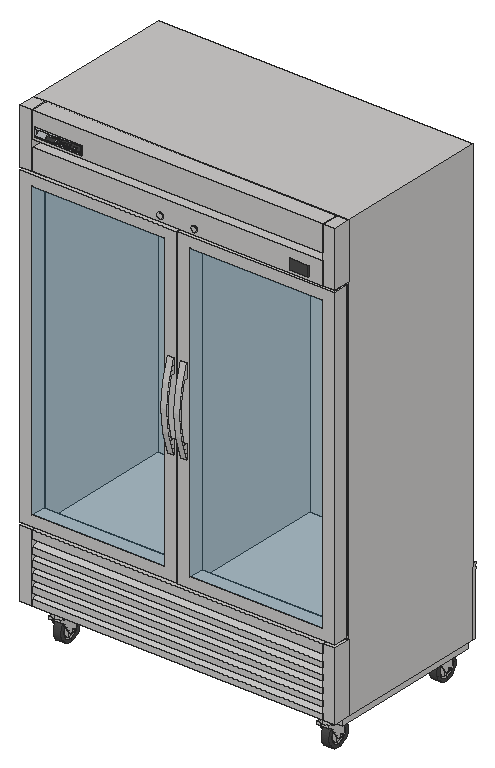
Revit family "QF_TRUE_TS-49FG-HC~FGD01", category Specialty Equipment, Revit 2015 (continued)
Definition of nested family "T-49FG-HC-FGD01"
  Forms (in)
    Extrusion 54, solid, not visible
      sketch origin (26.98493, -26.8125, 73.375) x (-1, 0, 0) y (0, -1, 0)
        loop
          circle (24.44087, 1.81192) r 0.25
        loop
          circle (23.44087, 1.81192) r 0.25
      from 0 to 0.31015
    Extrusion 55, solid, not visible
      sketch origin (26.98493, -26.8125, 73.87265) x (-1, 0, 0) y (0, -1, 0)
        loop
          circle (26.09249, 1.82353) r 0.25
      from 0.00235 to -0.27708
    Extrusion 56, solid, not visible
      sketch origin (-0.01507, -26.8125, 19.12866) x (0, -1, 0) y (-1, 0, 0)
        loop
          line (0, -1.157) -> (2.06523, -1.11503)
          arc (2.06523, -1.11503) -> (2.48736, -0.68546) -> (2.06523, -0.25589) r 0.42963
          line (2.06523, -0.25589) -> (0, -0.21392) -> (0, -1.157)
        loop
          circle (2.05773, -0.68546) r 0.25
      from 0.00366 to 0.22057
    Extrusion 57, solid, not visible
      sketch origin (-0.01507, -26.8125, 19.12866) x (0, -1, 0) y (-1, 0, 0)
        loop
          circle (2.05773, -0.68546) r 0.25
      from 0.00366 to 0.29961
  Cuts and joins
    joined: Extrusion 1, Extrusion 7, Extrusion 9, Extrusion 14
  Lines and regions (in)
    symbolic lines
      curve 1: line (0, -29.8125, 0) -> (54.15625, -29.8125, 0)
      curve 2: line (0, 0.5, 0) -> (0, -29.8125, 0)
      curve 3: line (54.15625, 0.5, 0) -> (0, 0.5, 0)
      curve 4: line (54.15625, -29.8125, 0) -> (54.15625, 0.5, 0)
      curve 5: line (0, 0, 0) -> (54.15625, 0, 0)
      curve 6: line (0, -26.8125, 0) -> (54.15625, -26.8125, 0)
      curve 7: line (2, -29.8125, 0) -> (2, -26.8125, 0)
      curve 8: line (52.15625, -29.8125, 0) -> (52.15625, -26.8125, 0)
      curve 9: line (25.44851, -31.34375, 0) -> (25.44851, -29.8125, 0)
      curve 10: line (25.44851, -31.34375, 0) -> (26.45776, -31.34375, 0)
      curve 11: line (26.45776, -31.34375, 0) -> (26.45776, -29.8125, 0)
      curve 12: line (27.69849, -29.8125, 0) -> (27.69849, -31.34375, 0)
      curve 13: line (28.70774, -29.8125, 0) -> (28.70774, -31.34375, 0)
      curve 14: line (28.70774, -31.34375, 0) -> (27.69849, -31.34375, 0)
      curve 15: line (0, -29.8125, 0) -> (22.77628, -42.96239, 0)
      curve 16: arc (26.94851, -29.8125, 0) -> (25.72808, -36.66211, 0) -> (22.77628, -42.96239, 0) r 26.64931
      curve 17: line (54.15625, -29.8125, 0) -> (31.37997, -42.96239, 0)
      curve 18: arc (27.20774, -29.8125, 0) -> (28.42817, -36.66211, 0) -> (31.37997, -42.96239, 0) r 26.64931
  Dimensions and locks (in)
    equal spacing: plane 3 "LEFT", plane 7 "Center Y", plane 4 "RIGHT"
    plane 3 "LEFT" to plane 4 "RIGHT" = 54 5/32"
    equal spacing: plane 5 "FRONT", plane 8 "Center X", plane 1 "BACK"
    plane 5 "FRONT" to plane 1 "BACK" = 29 13/16"
    plane 6 "TOP" to level = 83 3/8"
    plane 6 "TOP" to plane 9 = 78 5/16"
    plane 9 to level = 5 1/16"
    plane 4 "RIGHT" to plane 3 "LEFT" = 54 5/32"
    plane 1 "BACK" to plane 10 = 1/2"
    plane 11 to plane 5 "FRONT" = 1 17/32"
    plane 10 to plane 11 = 31 27/32"
    plane 1 "BACK" to plane 14 = 55 1/4"
    plane 1 "BACK" to plane 15 = 55 1/4"
    plane 19 to Extrusion 2 = 1/4"
    plane 24 to Extrusion 16 = 1/4"
    aligned and locked: level to plane 2
  Automatic sketch dimensions
    Extrusion 2 sketch curve to Extrusion 2 sketch curve = 1 1/4"  (x2)
    Extrusion 2 sketch curve to Extrusion 2 sketch curve = 1"  (x7)
    Extrusion 2 sketch curve to Extrusion 2 sketch curve = 2"  (x2)
    Extrusion 2 sketch curve to Extrusion 2 sketch curve = 0"  (x9)
    Extrusion 2 sketch curve to Extrusion 2 sketch curve = 0.51258"
    Extrusion 2 sketch curve to Extrusion 2 sketch curve = 0.43712"
    Extrusion 4 sketch curve to Extrusion 2 = 0.97242"  (x2)
    Extrusion 2 to Extrusion 4 sketch curve = 22.14431"
    Extrusion 4 sketch curve to Extrusion 4 sketch curve = 5.86763"
    Extrusion 5 sketch curve to plane 14 = 0"  (x2)
    Extrusion 7 sketch curve to Extrusion 1 = 0"  (x3)
    Extrusion 1 to Extrusion 7 sketch curve = 0"  (x2)
    Extrusion 1 to Extrusion 7 sketch curve = 2"
    Extrusion 1 to Extrusion 7 sketch curve = 11 3/4"
    Extrusion 1 to Extrusion 7 sketch curve = 2 5/8"
    Extrusion 9 sketch curve to Extrusion 9 sketch curve = 2"
    Extrusion 10 sketch curve to Extrusion 10 sketch curve = 3 1/4"
    plane 12 to Extrusion 14 sketch curve = 3/16"
    Extrusion 14 sketch curve to plane 13 = 0"
    Extrusion 1 sketch curve to Extrusion 1 sketch curve = 2"
    Extrusion 1 sketch curve to Extrusion 1 sketch curve = 76 1/2"
    Extrusion 2 sketch curve to Extrusion 2 sketch curve = 4 1/2"
    Extrusion 2 sketch curve to Extrusion 2 sketch curve = 3 3/4"
    Extrusion 2 sketch curve to Extrusion 2 sketch curve = 55 1/4"
    Extrusion 2 sketch curve to Extrusion 2 sketch curve = 1 1/2"
    Extrusion 2 sketch curve to Extrusion 2 sketch curve = 2.0503"  (x2)
    Extrusion 2 sketch curve to Extrusion 2 sketch curve = 2.80755"
    Extrusion 2 sketch curve to Extrusion 2 sketch curve = 3"
    Extrusion 5 sketch curve to Extrusion 5 sketch curve = 25 7/16"
    Extrusion 5 sketch curve to Extrusion 5 sketch curve = 0"
    Extrusion 5 sketch curve to Extrusion 5 sketch curve = 1.20981"  (x2)
    Extrusion 5 sketch curve to Extrusion 5 sketch curve = 0.32668"
    Extrusion 5 sketch curve to Extrusion 5 sketch curve = 0.25923"
    Extrusion 5 sketch curve to Extrusion 5 sketch curve = 26.62183"
    Extrusion 9 sketch curve to Extrusion 9 sketch curve = 76 1/2"
    Extrusion 10 sketch curve to Extrusion 10 sketch curve = 1 3/4"
    Extrusion 11 sketch curve to Extrusion 11 sketch curve = 9 1/2"
    Extrusion 11 sketch curve to Extrusion 11 sketch curve = 55 1/4"
    Extrusion 11 sketch curve to Extrusion 11 sketch curve = 11 3/4"
    Extrusion 11 sketch curve to Extrusion 11 sketch curve = 0"
    Extrusion 11 sketch curve to Extrusion 11 sketch curve = 3"  (x2)
    Extrusion 12 sketch curve to Extrusion 12 sketch curve = 9 1/2"
    Extrusion 12 sketch curve to Extrusion 12 sketch curve = 55 1/4"
    Extrusion 12 sketch curve to Extrusion 12 sketch curve = 11 3/4"
    Extrusion 12 sketch curve to Extrusion 12 sketch curve = 0"
    Extrusion 12 sketch curve to Extrusion 12 sketch curve = 3"  (x2)
    Extrusion 16 sketch curve to Extrusion 16 sketch curve = 1 1/4"  (x2)
    Extrusion 16 sketch curve to Extrusion 16 sketch curve = 1"  (x7)
    Extrusion 16 sketch curve to Extrusion 16 sketch curve = 2"  (x2)
    Extrusion 16 sketch curve to Extrusion 16 sketch curve = 0"  (x9)
    Extrusion 16 sketch curve to Extrusion 16 sketch curve = 0.51258"
    Extrusion 16 sketch curve to Extrusion 16 sketch curve = 0.43712"
    Extrusion 18 sketch curve to Extrusion 16 = 0.97242"  (x2)
    Extrusion 16 to Extrusion 18 sketch curve = 22.14431"
    Extrusion 18 sketch curve to Extrusion 18 sketch curve = 5.86763"
    Extrusion 19 sketch curve to plane 18 = 0"  (x2)
    Extrusion 21 sketch curve to Extrusion 15 = 0"  (x3)
    Extrusion 15 to Extrusion 21 sketch curve = 0"  (x2)
    Extrusion 15 to Extrusion 21 sketch curve = 2"
    Extrusion 15 to Extrusion 21 sketch curve = 11 3/4"
    Extrusion 15 to Extrusion 21 sketch curve = 2 5/8"
    Extrusion 23 sketch curve to Extrusion 23 sketch curve = 2"
    Extrusion 24 sketch curve to Extrusion 24 sketch curve = 3 1/4"
    plane 16 to Extrusion 28 sketch curve = 3/16"
    Extrusion 28 sketch curve to plane 17 = 0"
    Extrusion 15 sketch curve to Extrusion 15 sketch curve = 2"
    Extrusion 15 sketch curve to Extrusion 15 sketch curve = 76 1/2"
    Extrusion 16 sketch curve to Extrusion 16 sketch curve = 4 1/2"
    Extrusion 16 sketch curve to Extrusion 16 sketch curve = 3 3/4"
    Extrusion 16 sketch curve to Extrusion 16 sketch curve = 55 1/4"
    Extrusion 16 sketch curve to Extrusion 16 sketch curve = 1 1/2"
    Extrusion 16 sketch curve to Extrusion 16 sketch curve = 2.0503"  (x2)
    Extrusion 16 sketch curve to Extrusion 16 sketch curve = 2.80755"
    Extrusion 16 sketch curve to Extrusion 16 sketch curve = 3"
    Extrusion 19 sketch curve to Extrusion 19 sketch curve = 25 7/16"
    Extrusion 19 sketch curve to Extrusion 19 sketch curve = 0"
    Extrusion 19 sketch curve to Extrusion 19 sketch curve = 1.20981"  (x2)
    Extrusion 19 sketch curve to Extrusion 19 sketch curve = 0.32668"
    Extrusion 19 sketch curve to Extrusion 19 sketch curve = 0.25923"
    Extrusion 19 sketch curve to Extrusion 19 sketch curve = 26.62183"
    Extrusion 23 sketch curve to Extrusion 23 sketch curve = 76 1/2"
    Extrusion 24 sketch curve to Extrusion 24 sketch curve = 1 3/4"
    Extrusion 25 sketch curve to Extrusion 25 sketch curve = 9 1/2"
    Extrusion 25 sketch curve to Extrusion 25 sketch curve = 55 1/4"
    Extrusion 25 sketch curve to Extrusion 25 sketch curve = 11 3/4"
    Extrusion 25 sketch curve to Extrusion 25 sketch curve = 0"
    Extrusion 25 sketch curve to Extrusion 25 sketch curve = 3"  (x2)
    Extrusion 26 sketch curve to Extrusion 26 sketch curve = 9 1/2"
    Extrusion 26 sketch curve to Extrusion 26 sketch curve = 55 1/4"
    Extrusion 26 sketch curve to Extrusion 26 sketch curve = 11 3/4"
    Extrusion 26 sketch curve to Extrusion 26 sketch curve = 0"
    Extrusion 26 sketch curve to Extrusion 26 sketch curve = 3"  (x2)
    Extrusion 6 to Extrusion 29 sketch curve = 4.84595"
    Extrusion 6 to Extrusion 29 sketch curve = 27 5/64"
    curve 1 to plane 3 "LEFT" = 0"
    plane 5 "FRONT" to curve 7 = 0"
    plane 11 to curve 12 = 0"
    curve 1 to plane 4 "RIGHT" = 0"
    plane 1 "BACK" to curve 5 = 0"
    curve 3 to plane 10 = 0"
    plane 3 "LEFT" to curve 16 = 0.32668"
    curve 15 to plane 7 "Center Y" = 4.30184"
    plane 11 to curve 9 = 0"
    curve 9 to plane 7 "Center Y" = 1.62962"
    curve 11 to plane 7 "Center Y" = 0.62037"
    plane 7 "Center Y" to curve 12 = 0.62037"
    curve 12 to curve 14 = 1.00925"
    plane 7 "Center Y" to curve 17 = 4.30184"
    plane 4 "RIGHT" to curve 18 = 0.32668"
    plane 11 to curve 15 = 11.61864"
    curve 15 to curve 17 = 0"
    curve 18 to plane 5 "FRONT" = 1.20981"
    curve 16 to plane 5 "FRONT" = 1.20981"
    plane 3 "LEFT" to curve 7 = 2"
    plane 4 "RIGHT" to curve 8 = 2"
    curve 18 to curve 8 = 1.79019"
    Extrusion 14 sketch curve to Extrusion 14 sketch curve = 2"
    Extrusion 8 sketch curve to Extrusion 8 sketch curve = 2"  (x4)
    Extrusion 8 sketch curve to Extrusion 8 sketch curve = 22.94851"  (x2)
    Extrusion 8 sketch curve to Extrusion 8 sketch curve = 0.25923"
    Extrusion 8 sketch curve to Extrusion 8 sketch curve = 0"  (x2)
    Extrusion 8 sketch curve to Extrusion 8 sketch curve = 1 3/4"  (x4)
    Extrusion 8 sketch curve to Extrusion 8 sketch curve = 50 3/4"
    Extrusion 3 sketch curve to Extrusion 3 sketch curve = 22.94851"  (x2)
    Extrusion 3 sketch curve to Extrusion 3 sketch curve = 4.25923"
    Extrusion 3 sketch curve to Extrusion 3 sketch curve = 0"  (x2)
    Extrusion 3 sketch curve to Extrusion 3 sketch curve = 50 3/4"
    Extrusion 30 sketch curve to plane 20 = 0"
    plane 21 to Extrusion 30 sketch curve = 0"
    Extrusion 30 sketch curve to plane 20 = 2 1/2"
    Extrusion 30 sketch curve to plane 21 = 2 1/2"
    Extrusion 30 sketch curve to Extrusion 30 sketch curve = 0.60964"  (x2)
    Extrusion 30 sketch curve to Extrusion 30 sketch curve = 17.54993"
    Extrusion 30 sketch curve to Extrusion 30 sketch curve = 0.05175"
    Extrusion 31 sketch curve to plane 22 = 0"
    plane 23 to Extrusion 31 sketch curve = 0"
    Extrusion 31 sketch curve to plane 22 = 2 1/2"
    Extrusion 31 sketch curve to plane 23 = 2 1/2"
    Extrusion 31 sketch curve to Extrusion 31 sketch curve = 0.60964"  (x2)
    Extrusion 31 sketch curve to Extrusion 31 sketch curve = 17.54993"
    Extrusion 31 sketch curve to Extrusion 31 sketch curve = 0.05054"
    Extrusion 30 sketch curve to Extrusion 30 sketch curve = 0"
    Extrusion 31 sketch curve to Extrusion 31 sketch curve = 0"
    Extrusion 28 sketch curve to Extrusion 28 sketch curve = 2"
    Extrusion 22 sketch curve to Extrusion 22 sketch curve = 2"  (x4)
    Extrusion 22 sketch curve to Extrusion 22 sketch curve = 22.94851"  (x2)
    Extrusion 22 sketch curve to Extrusion 22 sketch curve = 0.25923"
    Extrusion 22 sketch curve to Extrusion 22 sketch curve = 0"  (x2)
    Extrusion 22 sketch curve to Extrusion 22 sketch curve = 1 3/4"  (x4)
    Extrusion 22 sketch curve to Extrusion 22 sketch curve = 50 3/4"
    Extrusion 17 sketch curve to Extrusion 17 sketch curve = 22.94851"  (x2)
    Extrusion 17 sketch curve to Extrusion 17 sketch curve = 4.25923"
    Extrusion 17 sketch curve to Extrusion 17 sketch curve = 0"  (x2)
    Extrusion 17 sketch curve to Extrusion 17 sketch curve = 50 3/4"
    Extrusion 34 sketch curve to Extrusion 34 sketch curve = 52 5/32"
    Extrusion 34 sketch curve to Extrusion 34 sketch curve = 1 13/16"
    Extrusion 13 sketch curve to Extrusion 1 = 1/4"  (x2)
    Extrusion 13 sketch curve to Extrusion 1 = 11 1/2"  (x2)
    Extrusion 1 to Extrusion 13 sketch curve = 23.19851"
    Extrusion 13 sketch curve to Extrusion 13 sketch curve = 1 1/2"  (x3)
    Extrusion 13 sketch curve to Extrusion 13 sketch curve = 23.44851"
    Extrusion 13 sketch curve to Extrusion 13 sketch curve = 1.37134"  (x3)
    Extrusion 13 sketch curve to Extrusion 13 sketch curve = 0"  (x2)
    Extrusion 13 sketch curve to Extrusion 13 sketch curve = 0.75923"
    Extrusion 13 sketch curve to Extrusion 1 = 13 3/4"
    Extrusion 27 sketch curve to Extrusion 15 = 1/4"  (x2)
    Extrusion 27 sketch curve to Extrusion 15 = 11 1/2"  (x2)
    Extrusion 15 to Extrusion 27 sketch curve = 23.19851"
    Extrusion 27 sketch curve to Extrusion 27 sketch curve = 1 1/2"  (x3)
    Extrusion 27 sketch curve to Extrusion 27 sketch curve = 23.44851"
    Extrusion 27 sketch curve to Extrusion 27 sketch curve = 1.37134"  (x3)
    Extrusion 27 sketch curve to Extrusion 27 sketch curve = 0"  (x2)
    Extrusion 27 sketch curve to Extrusion 27 sketch curve = 0.75923"
    Extrusion 27 sketch curve to Extrusion 15 = 13 3/4"
    Extrusion 35 sketch curve to Extrusion 35 sketch curve = 52 5/32"
    Extrusion 35 sketch curve to Extrusion 35 sketch curve = 1 13/16"
    Extrusion 6 sketch curve to Extrusion 1 = 0"  (x2)
    Extrusion 6 sketch curve to Extrusion 1 = 3/8"
    Extrusion 6 sketch curve to Extrusion 6 sketch curve = 10.68144"
    Extrusion 6 sketch curve to Extrusion 6 sketch curve = 0.34482"
    Extrusion 6 sketch curve to Extrusion 6 sketch curve = 0.3805"
    Extrusion 6 sketch curve to Extrusion 6 sketch curve = 0.16647"
    Extrusion 6 sketch curve to Extrusion 1 = 0.32496"
    Extrusion 6 sketch curve to Extrusion 6 sketch curve = 0.17678"
    Extrusion 6 sketch curve to Extrusion 6 sketch curve = 0.14819"
    Extrusion 6 sketch curve to Extrusion 6 sketch curve = 0"
    Extrusion 6 sketch curve to Extrusion 6 sketch curve = 1/8"
    Extrusion 6 sketch curve to Extrusion 6 sketch curve = 0.17504"
    Extrusion 20 sketch curve to Extrusion 15 = 0"  (x2)
    Extrusion 20 sketch curve to Extrusion 15 = 3/8"
    Extrusion 20 sketch curve to Extrusion 20 sketch curve = 10.68144"
    Extrusion 20 sketch curve to Extrusion 20 sketch curve = 0.34482"
    Extrusion 20 sketch curve to Extrusion 20 sketch curve = 0.3805"
    Extrusion 20 sketch curve to Extrusion 20 sketch curve = 0.16647"
    Extrusion 20 sketch curve to Extrusion 15 = 0.32496"
    Extrusion 20 sketch curve to Extrusion 20 sketch curve = 0.17678"
    Extrusion 20 sketch curve to Extrusion 20 sketch curve = 0.14819"
    Extrusion 20 sketch curve to Extrusion 20 sketch curve = 0"
    Extrusion 20 sketch curve to Extrusion 20 sketch curve = 1/8"
    Extrusion 20 sketch curve to Extrusion 20 sketch curve = 0.17504"
    Extrusion 36 sketch curve to Extrusion 36 sketch curve = 0.37938"
    Extrusion 36 sketch curve to Extrusion 36 sketch curve = 1"
    Extrusion 36 sketch curve to Extrusion 36 sketch curve = 1.65026"
    Extrusion 36 sketch curve to Extrusion 36 sketch curve = 0.43546"
    Extrusion 36 sketch curve to Extrusion 36 sketch curve = 0.50522"
    Extrusion 36 sketch curve to Extrusion 36 sketch curve = 0.51683"  (x2)
    Extrusion 36 sketch curve to Extrusion 36 sketch curve = 0.53428"
    Extrusion 37 sketch curve to Extrusion 37 sketch curve = 1"
    Extrusion 37 sketch curve to Extrusion 37 sketch curve = 0"
    Extrusion 39 sketch curve to Extrusion 39 sketch curve = 0.0411"
    Extrusion 39 sketch curve to Extrusion 39 sketch curve = 0.54506"
    Extrusion 39 sketch curve to Extrusion 39 sketch curve = 0.91779"
    Extrusion 39 sketch curve to Extrusion 39 sketch curve = 0.45494"
    Extrusion 39 sketch curve to Extrusion 39 sketch curve = 17/32"
    Extrusion 39 sketch curve to Extrusion 39 sketch curve = 1.82353"
    Extrusion 40 sketch curve to Extrusion 40 sketch curve = 0"  (x3)
    Extrusion 40 sketch curve to Extrusion 40 sketch curve = 0.0075"
    Extrusion 40 sketch curve to Extrusion 40 sketch curve = 2.06523"
    Extrusion 40 sketch curve to Extrusion 40 sketch curve = 0.04197"
    Extrusion 40 sketch curve to Extrusion 40 sketch curve = 0.42957"
    Extrusion 40 sketch curve to Extrusion 40 sketch curve = 0.94308"
    Extrusion 42 sketch curve to Extrusion 42 sketch curve = 0.37938"
    Extrusion 42 sketch curve to Extrusion 42 sketch curve = 1"
    Extrusion 42 sketch curve to Extrusion 42 sketch curve = 1.65026"
    Extrusion 42 sketch curve to Extrusion 42 sketch curve = 0.43546"
    Extrusion 42 sketch curve to Extrusion 42 sketch curve = 0.53428"  (x2)
    Extrusion 42 sketch curve to Extrusion 42 sketch curve = 0.5459"
    Extrusion 42 sketch curve to Extrusion 42 sketch curve = 0.51683"
    Extrusion 43 sketch curve to Extrusion 43 sketch curve = 1"
    Extrusion 43 sketch curve to Extrusion 43 sketch curve = 0"
    Extrusion 44 sketch curve to Extrusion 44 sketch curve = 0"  (x2)
    Extrusion 44 sketch curve to Extrusion 44 sketch curve = 1/4"
    Extrusion 45 sketch curve to Extrusion 45 sketch curve = 0"  (x2)
    Extrusion 45 sketch curve to Extrusion 45 sketch curve = 2.05773"
    Extrusion 45 sketch curve to Extrusion 45 sketch curve = 0.0075"  (x2)
    Extrusion 45 sketch curve to Extrusion 45 sketch curve = 0.04197"
    Extrusion 45 sketch curve to Extrusion 45 sketch curve = 0.42957"
    Extrusion 45 sketch curve to Extrusion 45 sketch curve = 0.94308"
    Extrusion 47 sketch curve to Extrusion 47 sketch curve = 0.37938"
    Extrusion 47 sketch curve to Extrusion 47 sketch curve = 1"
    Extrusion 47 sketch curve to Extrusion 47 sketch curve = 1.65026"
    Extrusion 47 sketch curve to Extrusion 47 sketch curve = 0.43546"
    Extrusion 47 sketch curve to Extrusion 47 sketch curve = 0.50522"
    Extrusion 47 sketch curve to Extrusion 47 sketch curve = 0.51683"  (x2)
    Extrusion 47 sketch curve to Extrusion 47 sketch curve = 0.53428"
    Extrusion 48 sketch curve to Extrusion 48 sketch curve = 1"
    Extrusion 48 sketch curve to Extrusion 48 sketch curve = 0"
    Extrusion 50 sketch curve to Extrusion 50 sketch curve = 0.0411"
    Extrusion 50 sketch curve to Extrusion 50 sketch curve = 0.54506"
    Extrusion 50 sketch curve to Extrusion 50 sketch curve = 0.91779"
    Extrusion 50 sketch curve to Extrusion 50 sketch curve = 0.45494"
    Extrusion 50 sketch curve to Extrusion 50 sketch curve = 17/32"
    Extrusion 50 sketch curve to Extrusion 50 sketch curve = 1.82353"
    Extrusion 51 sketch curve to Extrusion 51 sketch curve = 0"  (x3)
    Extrusion 51 sketch curve to Extrusion 51 sketch curve = 0.0075"
    Extrusion 51 sketch curve to Extrusion 51 sketch curve = 2.06523"
    Extrusion 51 sketch curve to Extrusion 51 sketch curve = 0.04197"
    Extrusion 51 sketch curve to Extrusion 51 sketch curve = 0.42957"
    Extrusion 51 sketch curve to Extrusion 51 sketch curve = 0.94308"
    Extrusion 53 sketch curve to Extrusion 53 sketch curve = 0.37938"
    Extrusion 53 sketch curve to Extrusion 53 sketch curve = 1"
    Extrusion 53 sketch curve to Extrusion 53 sketch curve = 1.65026"
    Extrusion 53 sketch curve to Extrusion 53 sketch curve = 0.43546"
    Extrusion 53 sketch curve to Extrusion 53 sketch curve = 0.53428"  (x2)
    Extrusion 53 sketch curve to Extrusion 53 sketch curve = 0.5459"
    Extrusion 53 sketch curve to Extrusion 53 sketch curve = 0.51683"
    Extrusion 54 sketch curve to Extrusion 54 sketch curve = 1"
    Extrusion 54 sketch curve to Extrusion 54 sketch curve = 0"
    Extrusion 55 sketch curve to Extrusion 55 sketch curve = 0"  (x2)
    Extrusion 55 sketch curve to Extrusion 55 sketch curve = 1/4"
    Extrusion 56 sketch curve to Extrusion 56 sketch curve = 0"  (x2)
    Extrusion 56 sketch curve to Extrusion 56 sketch curve = 2.05773"
    Extrusion 56 sketch curve to Extrusion 56 sketch curve = 0.0075"  (x2)
    Extrusion 56 sketch curve to Extrusion 56 sketch curve = 0.04197"
    Extrusion 56 sketch curve to Extrusion 56 sketch curve = 0.42957"
    Extrusion 56 sketch curve to Extrusion 56 sketch curve = 0.94308"
    radius of Extrusion 4 sketch curve = 1/2"  (x2)
    radius of Extrusion 18 sketch curve = 1/2"  (x2)
    radius of Extrusion 29 sketch curve = 1/4"
    radius of Extrusion 36 sketch curve = 1/4"  (x3)
    radius of Extrusion 37 sketch curve = 1/4"  (x2)
    radius of Extrusion 38 sketch curve to Extrusion 39 = 0"
    radius of Extrusion 39 sketch curve = 1/4"
    radius of Extrusion 40 sketch curve = 1/4"
    radius of Extrusion 41 sketch curve = 1/4"
    radius of Extrusion 42 sketch curve = 1/4"  (x3)
    radius of Extrusion 43 sketch curve = 1/4"  (x2)
    radius of Extrusion 45 sketch curve = 1/4"
    radius of Extrusion 46 sketch curve = 1/4"
    radius of Extrusion 47 sketch curve = 1/4"  (x3)
    radius of Extrusion 48 sketch curve = 1/4"  (x2)
    radius of Extrusion 49 sketch curve to Extrusion 50 = 0"
    radius of Extrusion 50 sketch curve = 1/4"
    radius of Extrusion 51 sketch curve = 1/4"
    radius of Extrusion 52 sketch curve = 1/4"
    radius of Extrusion 53 sketch curve = 1/4"  (x3)
    radius of Extrusion 54 sketch curve = 1/4"  (x2)
    radius of Extrusion 56 sketch curve = 1/4"
    radius of Extrusion 57 sketch curve = 1/4"
  Nested families (in)
    nested 1: "QF_LOGO_TRUE" at (2.5, -29.8125, 79.375), Show Logo <- "Show Logo", type "QF_LOGO_TRUE", detail levels medium+fine
      with Show Logo yes
  Definition of nested family "QF_LOGO_TRUE"
    Parameters (values of type "QF_LOGO_TRUE")
      Show Logo [instance] = yes
    Reference planes (in)
      plane 1 "Center (Front/Back)": y = 0
      plane 2: z = 0
      plane 3 "Center (Left/Right)": x = 0
    Forms (in)
      Extrusion 1, solid, visible <- "Show Logo", detail levels medium+fine
        sketch origin (-78.34647, 34.76905, -30.51001) x (1, 0, 0) y (0, 0, 1)
          loop
            line (81.15226, 31.65456) -> (81.07353, 31.48573) -> (82.12083, 31.48573)
            arc (82.12083, 31.48573) -> (82.14208, 31.44814) -> (82.12083, 31.41055) r 0.04386
            line (82.12083, 31.41055) -> (81.84767, 30.82478)
            arc (81.84767, 30.82478) -> (81.84531, 30.77052) -> (81.882, 30.73048) r 0.07096
            line (81.882, 30.73048) -> (82.55165, 30.73048)
            arc (82.55165, 30.73048) -> (82.63621, 30.75714) -> (82.69019, 30.82748) r 0.14742
            line (82.69019, 30.82748) -> (82.90515, 31.28847) -> (83.10265, 31.28847)
            arc (83.10265, 31.28847) -> (83.15447, 31.26942) -> (83.14697, 31.21472) r 0.04405
            line (83.14697, 31.21472) -> (82.9671, 30.82899)
            arc (82.9671, 30.82899) -> (82.9699, 30.76493) -> (83.02398, 30.73048) r 0.06943
            line (83.02398, 30.73048) -> (83.6124, 30.73048)
            arc (83.6124, 30.73048) -> (83.65748, 30.74689) -> (83.68147, 30.78844) r 0.07014
            arc (83.68147, 30.78844) -> (83.69845, 30.74745) -> (83.73943, 30.73048) r 0.05796
            line (83.73943, 30.73048) -> (84.112, 30.73048)
            arc (84.112, 30.73048) -> (84.15504, 30.74201) -> (84.18655, 30.77352) r 0.08608
            arc (84.18655, 30.77352) -> (84.20164, 30.7371) -> (84.23806, 30.72202) r 0.0515
            line (84.23806, 30.72202) -> (84.76757, 30.72202)
            arc (84.76757, 30.72202) -> (84.81086, 30.73995) -> (84.8288, 30.78324) r 0.06122
            arc (84.8288, 30.78324) -> (84.86848, 30.74355) -> (84.92269, 30.72903) r 0.10842
            line (84.92269, 30.72903) -> (85.91461, 30.72903) -> (86.02479, 30.91987) -> (85.0243, 30.91987)
            arc (85.0243, 30.91987) -> (84.99669, 30.93902) -> (84.99566, 30.97261) r 0.03732
            line (84.99566, 30.97261) -> (85.01297, 31.00972)
            arc (85.01297, 31.00972) -> (85.03954, 31.04453) -> (85.0813, 31.05774) r 0.07263
            line (85.0813, 31.05774) -> (85.40289, 31.05774)
            arc (85.40289, 31.05774) -> (85.4723, 31.07633) -> (85.52311, 31.12715) r 0.13882
            line (85.52311, 31.12715) -> (85.61625, 31.28847)
            arc (85.61625, 31.28847) -> (85.61625, 31.37458) -> (85.54168, 31.41763) r 0.08611
            line (85.54168, 31.41763) -> (85.20227, 31.41763)
            arc (85.20227, 31.41763) -> (85.11574, 31.40294) -> (85.05538, 31.33923) r 0.13863
            line (85.05538, 31.33923) -> (84.89409, 30.99333)
            arc (84.89409, 30.99333) -> (84.84649, 30.9313) -> (84.77191, 30.90778) r 0.13002
            line (84.77191, 30.90778) -> (84.41984, 30.90778)
            arc (84.41984, 30.90778) -> (84.3777, 30.95378) -> (84.38042, 31.0161) r 0.08151
            line (84.38042, 31.0161) -> (84.56766, 31.41763) -> (84.44849, 31.41763) -> (84.25012, 30.99222)
            arc (84.25012, 30.99222) -> (84.21158, 30.94199) -> (84.15119, 30.92296) r 0.10527
            line (84.15119, 30.92296) -> (83.90842, 30.92296)
            arc (83.90842, 30.92296) -> (83.8674, 30.97642) -> (83.87619, 31.04323) r 0.08805
            line (83.87619, 31.04323) -> (84.05078, 31.41763) -> (83.92772, 31.41763) -> (83.72676, 30.98668)
            arc (83.72676, 30.98668) -> (83.68011, 30.94003) -> (83.61639, 30.92296) r 0.12745
            line (83.61639, 30.92296) -> (83.26484, 30.92296)
            arc (83.26484, 30.92296) -> (83.2017, 30.9524) -> (83.19563, 31.0218) r 0.06967
            line (83.19563, 31.0218) -> (83.31118, 31.26961) -> (83.47452, 31.26961)
            arc (83.47452, 31.26961) -> (83.50209, 31.35268) -> (83.56075, 31.41763) r 0.21289
            line (83.56075, 31.41763) -> (82.92244, 31.41763)
            arc (82.92244, 31.41763) -> (82.85151, 31.40191) -> (82.80242, 31.34834) r 0.12081
            line (82.80242, 31.34834) -> (82.6294, 30.9773)
            arc (82.6294, 30.9773) -> (82.58962, 30.93752) -> (82.53528, 30.92296) r 0.10869
            line (82.53528, 30.92296) -> (82.1542, 30.92296)
            arc (82.1542, 30.92296) -> (82.12446, 30.96315) -> (82.13012, 31.01283) r 0.06822
            line (82.13012, 31.01283) -> (82.38156, 31.48573) -> (83.01596, 31.48573) -> (83.09469, 31.65456) -> (82.46029, 31.65456) -> (82.53902, 31.8234) -> (82.31334, 31.8234) -> (82.23461, 31.65456) -> (81.15226, 31.65456)
          loop
            arc (85.15937, 31.26434) -> (85.13191, 31.25698) -> (85.1118, 31.23688) r 0.05494
            line (85.1118, 31.23688) -> (85.09547, 31.18665)
            arc (85.09547, 31.18665) -> (85.10304, 31.16837) -> (85.12133, 31.16079) r 0.02586
            line (85.12133, 31.16079) -> (85.39889, 31.16079)
            arc (85.39889, 31.16079) -> (85.41888, 31.16523) -> (85.43513, 31.1777) r 0.04731
            line (85.43513, 31.1777) -> (85.44863, 31.2402)
            arc (85.44863, 31.2402) -> (85.44466, 31.25693) -> (85.42914, 31.26434) r 0.01994
            line (85.42914, 31.26434) -> (85.15937, 31.26434)
          loop
            line (78.62961, 30.74125) -> (80.12032, 30.74125) -> (80.73891, 31.81268) -> (79.2482, 31.81268) -> (78.62961, 30.74125)
        from 34.76797 to 34.83173
      Extrusion 2, solid, visible <- "Show Logo", detail levels medium+fine
        sketch origin (-142.84857, 34.75108, -33.3546) x (1, 0, 0) y (0, 0, 1)
          loop
            line (150.81107, 34.71978) -> (142.98607, 34.71978) -> (142.98607, 33.4921) -> (150.81107, 33.4921) -> (150.81107, 34.71978)
        from 34.75108 to 34.78125
      Extrusion 3, solid, visible <- "Show Logo", detail levels medium+fine
        sketch origin (-142.84857, 34.75108, -33.3546) x (1, 0, 0) y (0, 0, 1)
          loop
            line (150.94857, 34.85727) -> (142.84857, 34.85727) -> (142.84857, 33.3546) -> (150.94857, 33.3546) -> (150.94857, 34.85727)
          loop
            line (142.98607, 34.71978) -> (142.98607, 33.4921) -> (150.81107, 33.4921) -> (150.81107, 34.71978) -> (142.98607, 34.71978)
        from 34.75108 to 34.81376
      Extrusion 4, solid, not visible
        sketch origin (121.45701, -16.5, 4.98235) x (1, 0, 0) y (0, 0, 1)
          loop
            line (25.20115, 35.89949) -> (25.20115, 33.96647) -> (30.95381, 33.96647) -> (30.95381, 35.89949) -> (25.20115, 35.89949)
        from 31.5 to 31.54261
      Extrusion 5, solid, not visible
        sketch origin (121.45701, -16.5, 4.98235) x (1, 0, 0) y (0, 0, 1)
          loop
            line (26.7387, 34.95472) -> (26.61492, 34.49276) -> (27.038, 34.49276)
            arc (27.038, 34.49276) -> (27.13117, 34.52484) -> (27.18485, 34.60749) r 0.15134
            arc (27.18485, 34.60749) -> (27.20396, 34.68138) -> (27.22435, 34.75493) r 4.37326
            arc (27.22435, 34.75493) -> (27.23458, 34.81765) -> (27.22435, 34.88037) r 0.1974
            arc (27.22435, 34.88037) -> (27.18247, 34.93579) -> (27.11563, 34.95472) r 0.10914
            line (27.11563, 34.95472) -> (26.7387, 34.95472)
          loop
            line (26.90201, 34.80638) -> (26.84645, 34.59903) -> (26.92855, 34.59903)
            arc (26.92855, 34.59903) -> (26.98205, 34.6185) -> (27.01051, 34.6678) r 0.08322
            line (27.01051, 34.6678) -> (27.02399, 34.74424)
            arc (27.02399, 34.74424) -> (27.01491, 34.78454) -> (26.97985, 34.80638) r 0.05353
            line (26.97985, 34.80638) -> (26.90201, 34.80638)
          loop
            line (27.45336, 34.66131) -> (27.76233, 34.66131) -> (27.78859, 34.73909)
            arc (27.78859, 34.73909) -> (27.7878, 34.82039) -> (27.73107, 34.87864) r 0.10925
            arc (27.73107, 34.87864) -> (27.68233, 34.8944) -> (27.63139, 34.89974) r 0.24595
            line (27.63139, 34.89974) -> (27.46708, 34.89974)
            arc (27.46708, 34.89974) -> (27.4068, 34.88073) -> (27.3535, 34.84677) r 0.2421
            arc (27.3535, 34.84677) -> (27.2897, 34.76363) -> (27.26702, 34.66131) r 0.2421
            line (27.26702, 34.66131) -> (27.26702, 34.54477)
            arc (27.26702, 34.54477) -> (27.31618, 34.4956) -> (27.38334, 34.47761) r 0.13431
            line (27.38334, 34.47761) -> (27.59054, 34.47761)
            arc (27.59054, 34.47761) -> (27.63459, 34.48281) -> (27.67622, 34.49812) r 0.18924
            line (27.67622, 34.49812) -> (27.73102, 34.61563)
            arc (27.73102, 34.61563) -> (27.68453, 34.59565) -> (27.63566, 34.58252) r 0.35376
            arc (27.63566, 34.58252) -> (27.55885, 34.56956) -> (27.48204, 34.58252) r 0.23415
            arc (27.48204, 34.58252) -> (27.44492, 34.61362) -> (27.45336, 34.66131) r 0.04838
          loop
            line (27.4842, 34.73042) -> (27.62012, 34.73042) -> (27.62621, 34.76496)
            arc (27.62621, 34.76496) -> (27.58961, 34.80242) -> (27.53739, 34.80638) r 0.0742
            arc (27.53739, 34.80638) -> (27.49747, 34.77773) -> (27.4842, 34.73042) r 0.0742
          loop
            line (27.91616, 34.97572) -> (27.78675, 34.49276) -> (27.98645, 34.49276) -> (28.11586, 34.97572) -> (27.91616, 34.97572)
          loop
            line (28.13678, 34.66131) -> (28.08755, 34.47761) -> (28.27134, 34.47761) -> (28.32056, 34.66131) -> (28.43674, 34.66131) -> (28.47974, 34.78864) -> (28.36519, 34.78864)
            arc (28.36519, 34.78864) -> (28.35733, 34.81649) -> (28.36921, 34.84288) r 0.04231
            arc (28.36921, 34.84288) -> (28.431, 34.8652) -> (28.49617, 34.85686) r 0.13988
            line (28.49617, 34.85686) -> (28.53544, 34.97317)
            arc (28.53544, 34.97317) -> (28.39725, 34.99096) -> (28.25905, 34.97317) r 0.54546
            arc (28.25905, 34.97317) -> (28.20849, 34.91994) -> (28.18197, 34.85147) r 0.1894
            line (28.18197, 34.85147) -> (28.17089, 34.78864) -> (28.11397, 34.78864) -> (28.07985, 34.66131) -> (28.13678, 34.66131)
          loop
            arc (28.74846, 34.89756) -> (28.65884, 34.88533) -> (28.56922, 34.89756) r 0.33455
            line (28.56922, 34.89756) -> (28.45669, 34.47761) -> (28.63593, 34.47761) -> (28.74846, 34.89756)
          loop
            arc (28.60398, 35.01195) -> (28.57699, 34.97173) -> (28.60398, 34.9315) r 0.04347
            line (28.60398, 34.9315) -> (28.75755, 34.9315)
            arc (28.75755, 34.9315) -> (28.78645, 34.96687) -> (28.77911, 35.01195) r 0.0556
            line (28.77911, 35.01195) -> (28.60398, 35.01195)
          loop
            line (28.95336, 34.66131) -> (29.26233, 34.66131) -> (29.28859, 34.73909)
            arc (29.28859, 34.73909) -> (29.2878, 34.82039) -> (29.23107, 34.87864) r 0.10925
            arc (29.23107, 34.87864) -> (29.18233, 34.8944) -> (29.13139, 34.89974) r 0.24595
            line (29.13139, 34.89974) -> (28.96708, 34.89974)
            arc (28.96708, 34.89974) -> (28.9068, 34.88073) -> (28.8535, 34.84677) r 0.2421
            arc (28.8535, 34.84677) -> (28.7897, 34.76363) -> (28.76702, 34.66131) r 0.2421
            line (28.76702, 34.66131) -> (28.76702, 34.54477)
            arc (28.76702, 34.54477) -> (28.81618, 34.4956) -> (28.88334, 34.47761) r 0.13431
            line (28.88334, 34.47761) -> (29.09054, 34.47761)
            arc (29.09054, 34.47761) -> (29.13459, 34.48281) -> (29.17622, 34.49812) r 0.18924
            line (29.17622, 34.49812) -> (29.23102, 34.61563)
            arc (29.23102, 34.61563) -> (29.18453, 34.59565) -> (29.13566, 34.58252) r 0.35376
            arc (29.13566, 34.58252) -> (29.05885, 34.56956) -> (28.98204, 34.58252) r 0.23415
            arc (28.98204, 34.58252) -> (28.94492, 34.61362) -> (28.95336, 34.66131) r 0.04838
          loop
            line (28.9842, 34.73042) -> (29.12012, 34.73042) -> (29.12621, 34.76496)
            arc (29.12621, 34.76496) -> (29.08961, 34.80242) -> (29.03739, 34.80638) r 0.0742
            arc (29.03739, 34.80638) -> (28.99747, 34.77773) -> (28.9842, 34.73042) r 0.0742
          loop
            line (29.41616, 34.97572) -> (29.28675, 34.49276) -> (29.48645, 34.49276) -> (29.61586, 34.97572) -> (29.41616, 34.97572)
          loop
            line (29.99836, 34.97572) -> (29.95192, 34.80242)
            arc (29.95192, 34.80242) -> (29.94473, 34.85705) -> (29.90102, 34.89059) r 0.07199
            arc (29.90102, 34.89059) -> (29.80023, 34.89941) -> (29.70251, 34.87322) r 0.29131
            arc (29.70251, 34.87322) -> (29.61806, 34.7652) -> (29.5896, 34.63108) r 0.30433
            line (29.5896, 34.63108) -> (29.5896, 34.55572)
            arc (29.5896, 34.55572) -> (29.61075, 34.50463) -> (29.66184, 34.48348) r 0.07224
            line (29.66184, 34.48348) -> (29.78537, 34.48348)
            arc (29.78537, 34.48348) -> (29.83854, 34.51313) -> (29.88504, 34.55243) r 0.31609
            line (29.88504, 34.55243) -> (29.86905, 34.49276) -> (30.05973, 34.49276) -> (30.18914, 34.97572) -> (29.99836, 34.97572)
          loop
            arc (29.84537, 34.75931) -> (29.79424, 34.71128) -> (29.77745, 34.64317) r 0.12371
            arc (29.77745, 34.64317) -> (29.80071, 34.59901) -> (29.85056, 34.59647) r 0.05045
            arc (29.85056, 34.59647) -> (29.90141, 34.64047) -> (29.92536, 34.7033) r 0.13769
            arc (29.92536, 34.7033) -> (29.90211, 34.75521) -> (29.84537, 34.75931) r 0.05543
          loop
            line (26.45047, 35.26762) -> (26.58211, 35.26762)
            arc (26.58211, 35.26762) -> (26.60467, 35.30821) -> (26.62126, 35.35157) r 0.3277
            arc (26.62126, 35.35157) -> (26.62714, 35.39992) -> (26.60877, 35.44503) r 0.09693
            arc (26.60877, 35.44503) -> (26.56454, 35.48868) -> (26.50462, 35.50516) r 0.12312
            arc (26.50462, 35.50516) -> (26.44158, 35.50565) -> (26.37854, 35.50546) r 5.76967
            arc (26.37854, 35.50546) -> (26.07462, 35.42923) -> (25.81045, 35.26076) r 0.97743
            line (25.81045, 35.26076) -> (25.85921, 35.26076)
            arc (25.85921, 35.26076) -> (26.08494, 35.39361) -> (26.3396, 35.45485) r 0.88817
            arc (26.3396, 35.45485) -> (26.41429, 35.44188) -> (26.47267, 35.39352) r 0.14748
            arc (26.47267, 35.39352) -> (26.48041, 35.32725) -> (26.45047, 35.26762) r 0.11636
          loop
            arc (26.35412, 35.17841) -> (26.19578, 35.0555) -> (26.00982, 34.98069) r 0.72453
            arc (26.00982, 34.98069) -> (25.9036, 34.95581) -> (25.79459, 34.9604) r 0.40201
            arc (25.79459, 34.9604) -> (25.7275, 34.98819) -> (25.69972, 35.05528) r 0.09488
            arc (25.69972, 35.05528) -> (25.71867, 35.12629) -> (25.77049, 35.17841) r 0.1425
            line (25.77049, 35.17841) -> (25.73665, 35.18748)
            arc (25.73665, 35.18748) -> (25.67632, 35.09876) -> (25.66924, 34.99171) r 0.20432
            arc (25.66924, 34.99171) -> (25.71443, 34.9227) -> (25.79473, 34.90384) r 0.11116
            arc (25.79473, 34.90384) -> (25.91172, 34.89904) -> (26.02716, 34.91862) r 0.56145
            arc (26.02716, 34.91862) -> (26.27675, 35.021) -> (26.49584, 35.17841) r 1.15683
            line (26.49584, 35.17841) -> (26.35412, 35.17841)
        from 31.54261 to 31.56272
    Dimensions and locks (in)
      aligned and locked: level to plane 2
      aligned and locked: Extrusion 2 to Extrusion 3  (x2)
      aligned and locked: Extrusion 2 sketch curve to Extrusion 3
